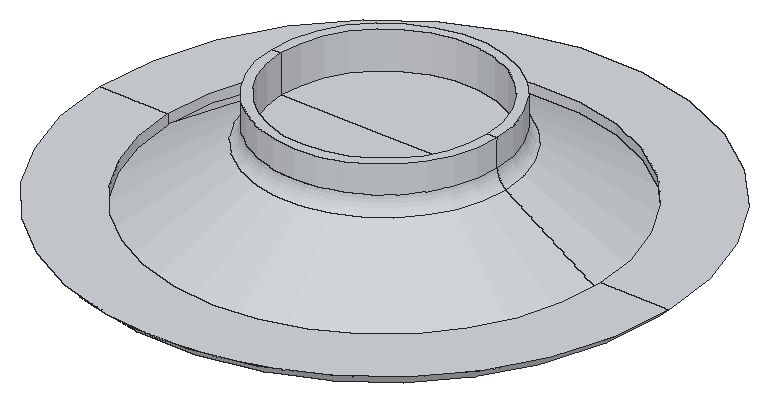
Revit family "VFS", category Air Terminals, Revit 2012
Parameters (values of type "VFS-06-12")
  URL = "http://www.innes.com.mx"
  Radio = A Cuello / 2  # 3"
  Mínima velocidad de cuello = 380 FPM
  Mínima presión estática = 0.01 in-wg
  Min Flow = 75 CFM
  Máxima velocidad de cuello = 1785 FPM
  Máxima presión estática = 0.15 in-wg
  Máximo nivel de ruido (NC) = "44"
  Max Flow = 350 CFM
  Material = "Aluminio"
  Manufacturer = "INNES"
  G = 3/4"
  F = 1"
  E = 3 1/4"
  D = 1/2"
  Cuello = "Redondo"
  C = 11 1/2"
  B Plato = 15 1/8"
  A1 = A Cuello - 1" / 2  # 5 1/2"
  A Cuello = 6"
Types (3): name | URL | Radio | Mínima velocidad de cuello | Mínima presión estática | Min Flow | Máxima velocidad de cuello | Máxima presión estática | Máximo nivel de ruido (NC) | Max Flow | Material | Cuello | C | B Plato | A1 | A Cuello
  (no name) | "http://www.innes.com.mx" | 3" | 380 FPM | 0.01 in-wg | 75 CFM | 1785 FPM | 0.15 in-wg | "44" | 350 CFM | "Aluminio" | "Redondo" | 11 1/2" | 15 1/8" | 5 1/2" | 6"
  VFS-06-12 | "http://www.innes.com.mx" | 3" | 380 FPM | 0.01 in-wg | 75 CFM | 1785 FPM | 0.15 in-wg | "44" | 350 CFM | "Aluminio" | "Redondo" | 11 1/2" | 15 1/8" | 5 1/2" | 6"
  VFS-08-16 | "http://www.innes.com" | 4" | 0 FPM | 0.00 in-wg | 0 CFM | 0 FPM | 0.00 in-wg | "" | 0 CFM | "" | "" | 15 1/2" | 17 5/8" | 7 1/2" | 8"
Reference planes (in)
  plane 1 "Center (Front/Back)": y = 0
  plane 2: z = 0
  plane 3 "Center (Left/Right)": x = 0
  plane 4: x = -3
  plane 5: x = 3
  plane 6: x = -5.75
  plane 7: x = 5.75
  plane 8: z = 3.25
  plane 9: z = 2.25
  plane 10: z = 0.5
  plane 11: x = -7.5625
  plane 12: x = 7.5625
  plane 13: z = 0.75
  plane 14: x = -5.75
  plane 15: x = 5.75
  plane 16: x = -2.75
  plane 17: x = 2.75
Forms (in)
  Revolve 1, solid
    sketch origin (0, 0, 0) x (1, 0, 0) y (0, 0, 1)
      loop
        line (-3, 3.25) -> (-3, 2.52447)
        arc (-3, 2.52447) -> (-3.0617, 2.28387) -> (-3.23156, 2.10264) r 0.5
        line (-3.23156, 2.10264) -> (-5.75, 0.5) -> (-5.75, 0) -> (0, 0) -> (0, 2.25) -> (-2.75, 2.25) -> (-2.75, 3.25) -> (-3, 3.25)
      axis (0, 3.25) -> (0, 0)
    angle from 0 to 360
  Revolve 2, solid
    sketch origin (0, 0, 0) x (1, 0, 0) y (0, 0, 1)
      loop
        line (-5.75, 0.75) -> (-7.56779, 0.75)
        arc (-7.56779, 0.75) -> (-6.74304, 0.17105) -> (-5.75, 0) r 2.30109
        line (-5.75, 0) -> (-5.75, 0.75)
      axis (0, 0.75) -> (0, 0)
    angle from 0 to 360
Dimensions and locks (in)
  equal spacing: plane 7, plane 3 "Center (Left/Right)", plane 6
  equal spacing: plane 5, plane 3 "Center (Left/Right)", plane 4
  "A Cuello": plane 5 to plane 4
  "C": plane 7 to plane 6
  "D": plane 10 to level
  "E": plane 8 to level
  "F": plane 8 to plane 9
  equal spacing: plane 12, plane 3 "Center (Left/Right)", plane 11
  "B Plato": plane 12 to plane 11
  equal spacing: plane 15, plane 3 "Center (Left/Right)", plane 14
  "C": plane 15 to plane 14
  equal spacing: plane 17, plane 3 "Center (Left/Right)", plane 16
  "A1": plane 17 to plane 16
  "G": Revolve 2 sketch curve to level
  aligned and locked: plane 2 to level
Automatic sketch dimensions
  Revolve 1 sketch curve to plane 6 = 0"
  Revolve 1 sketch curve to plane 4 = 0"
  Revolve 1 sketch curve to plane 8 = 0"
  Revolve 1 sketch curve to plane 16 = 0"
  Revolve 1 sketch curve to plane 3 "Center (Left/Right)" = 0"  (x2)
  Revolve 1 sketch curve to level = 0"
  Revolve 1 sketch curve to plane 10 = 0"
  Revolve 1 sketch curve to plane 9 = 0"
  Revolve 1 sketch curve to plane 4 = 1/2"
  Revolve 1 sketch curve to plane 9 = 0.14736"
  Revolve 1 sketch curve to plane 4 = 0.23156"
  Revolve 1 sketch curve to Revolve 1 sketch curve = 1"
  Revolve 1 sketch curve to Revolve 1 sketch curve = 1/4"
  Revolve 2 sketch curve to plane 14 = 0"
  Revolve 2 sketch curve to plane 3 "Center (Left/Right)" = 0"
  Revolve 2 sketch curve to level = 0"
  Revolve 2 sketch curve to plane 14 = 0.1154"
  Revolve 2 sketch curve to plane 11 = 0.00529"
  Revolve 2 sketch curve to level = 3/4"
  plane 13 to Revolve 2 sketch curve = 3/4"
Connectors (in)
  hvac at (0, 0, 3.25), driven by "Radio"
    settings: on Revolve 1, index 1, duct flow 0 CFM, flow factor 0, pres drop 0.00 in-wg, loss coef 0, conn angle 0.00°, conn width 12", conn height 12", conn radius 3", duct sys type 1, conn prof type 0, flow config 0, flow direction 0, loss method 0, conn ref index -1, conn util no, is conn primary yes, conn desc ""
